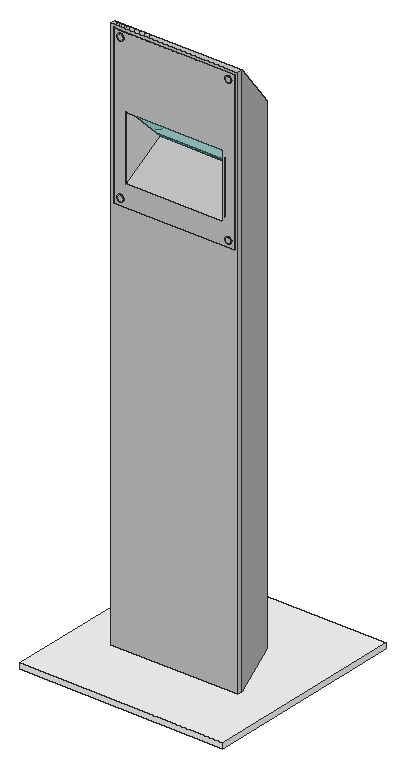
Revit family "BE_99558_de_DE", category Leuchten, Revit 2020
Family settings
  Basisbauteil = Fläche
  Bemaßung runder Anschluss = Durchmesser verwenden
  Teiletyp = Normal
  Beim Laden mit Abzugskörper schneiden = Ja
  Lichtquelle = Ja
  Gemeinsam genutzt = Nein
  Raumberechnungspunkt = Ja
Parameters (values of type "BEGA_99558_Silber_K4")
  built-in parameter 1150104 = 11.599 (stored number, unit not read)
  Wattage = 16.9 W
  Default Elevation = 0 mm
  built-in parameter 1150113 = 1 (stored number, unit not read)
  built-in parameter 1114218 = 1 (stored number, unit not read)
  Umgebungstemperatur = "25 °C"
  URL = "https://www.bega.com/de/produkt/99558"
  Typenkommentare = "© 2022 BEGA. Wir behalten uns das Recht vor, technische Änderungen ohne vorherige Ankündigung vorzunehmen."  # constant formula
  Type Image = 99558.png
  built-in parameter 1150134 = 12
  built-in parameter 1150109 = 1 (stored number, unit not read)
  Strom = ""
  built-in parameter 1150110 = 1 (stored number, unit not read)
  Spannung = 239.996 V
  Sonderanfertigung = no
  Seriennummer [instance] = "Hier können Sie die eindeutige Seriennummer für das Facility Management eintragen."
  Schutzklasse = "I"
  Schutzart = "IP 65"
  Scheinlast = 0 VA
  Produktdatenblatt = "https://cdn.bega.com/bega/products/99558K4/current/documents/data-sheets/de"
  Oberflächentemperatur = ""
  Neigungswinkel = 0.00°
  Modell = "99558AK4"
  Material_18 = BEGA_Gummi_schwarz
  Material_17 = BEGA_Reflektor
  Material_15 = BEGA_Leuchtmedium_matt
  Material_11 = BEGA_Glas_opal
  Material_09 = BEGA_Glas_klar
  Material_06 = BEGA_Oberfläche_Edelstahl_gebürstet
  Material_03 = BEGA_Oberfläche_Weiss_matt
  Material_02 = BEGA_Oberfläche_Silber_matt
  Material_01 [instance] = BEGA_Oberfläche_Grafit_matt
  M_W = no
  M_G = no
  M_A = yes
  Logo = 0
  built-in parameter 1114217 = 1 (stored number, unit not read)
  built-in parameter 1150139 = (empty or 0)
  built-in parameter 1150105 = 167.91 (stored number, unit not read)
  built-in parameter 1150114 = 1 (stored number, unit not read)
  Lumens = 2109.96 lm
  built-in parameter 1150115 = 1 (stored number, unit not read)
  Leuchtenlichtstrom = "1393 lm"
  Leuchtenanzahl = ""
  Lebensdauerkriterien = "L70B50 @ 25 °C = 200000 h"
  Lastklassifizierung = Beleuchtung
  built-in parameter 1150112 = 1 (stored number, unit not read)
  Lampenlichtstrom = "2290 lm"
  Lampe = "LED 11.7 W"
  LED_Modulbezeichnung = "LED-0491/840"
  built-in parameter 1150142 = (empty or 0)
  Hersteller = "BEGA"  # constant formula
  Halbstreuwinkel = ""
  Gewicht = "8.95 kg"
  Gebrauchslageneinschränkung [instance] = ""
  Frequenz = "0/50-60 Hz"
  Farbwiedergabeindex = "CRI > 80"
  Farbtemperaturverschiebung bei Dämpfen der Lampe = <Keine Auswahl>
  Farbtemperatur = "4000 K"
  Farbfilter = 16777215
  Erdstück = no
  built-in parameter 1150133 = 10 (stored number, unit not read)
  Energieeffizienzklasse = "LED A++ - A"
  Einstecktiefe = ""
  built-in parameter 1150137 = (empty or 0)
  built-in parameter 1150132 = (empty or 0)
  Einbauöffnung = ""
  Einbautiefe = ""
  Einbau_in_Wärmedämmung = ""
  ENEC = "ja"
  Dimmbar [instance] = "DALI"
  Datei für fotometrisches Netz = "BE_99558K4.IES"
  CE_Konformität = "ja"
  Bestellnummer_Erdstück = if(Erdstück, "70895", "---")  # "---"
  Bestellnummer = "99558AK4"
  Beschreibung_Sonderanfertigung = "Hier können Sie Informationen zur Sonderanfertigung eintragen."
  Beschreibung = "Pollerleuchte"
  built-in parameter 1150106 = 1.6791 (stored number, unit not read)
  BEGA_Intern_aus = yes
  BEGA_Intern_an = yes
  BEGA_Intern_Konstruktion = yes
  BEGA_Intern = yes
  BEGA_IES = yes
  BEGA_Dummy = no
  Anschlussleistung [instance] = "14.8 W"
  built-in parameter 1150107 = 4000 (stored number, unit not read)
  built-in parameter 1150102 = (empty or 0)
  built-in parameter 1150138 = (empty or 0)
  Aktualisierung = "2022-05-20T04:00:08"
  AC/DC = "AC/DC"
Types (4, lengths in mm): name | built-in parameter 1150104 | built-in parameter 1150134 | Modell | M_G | M_A | built-in parameter 1150105 | Lumens | Leuchtenlichtstrom | Lampenlichtstrom | LED_Modulbezeichnung | Farbtemperatur | Datei für fotometrisches Netz | Bestellnummer | built-in parameter 1150106 | built-in parameter 1150107
  BEGA_99558_Silber_K3 | 10.802 (stored number, unit not read) | (empty or 0) | "99558AK3" | no | yes | 156.37 (stored number, unit not read) | 1964.96 lm | "1354 lm" | "2225 lm" | "LED-0491/830" | "3000 K" | "BE_99558K3.IES" | "99558AK3" | 1.5637 (stored number, unit not read) | 3000 (stored number, unit not read)
  BEGA_99558_Silber_K4 | 11.599 (stored number, unit not read) | 12 | "99558AK4" | no | yes | 167.91 (stored number, unit not read) | 2109.96 lm | "1393 lm" | "2290 lm" | "LED-0491/840" | "4000 K" | "BE_99558K4.IES" | "99558AK4" | 1.6791 (stored number, unit not read) | 4000 (stored number, unit not read)
  BEGA_99558_Grafit_K4 | 11.599 (stored number, unit not read) | 12 | "99558K4" | yes | no | 167.91 (stored number, unit not read) | 2109.96 lm | "1393 lm" | "2290 lm" | "LED-0491/840" | "4000 K" | "BE_99558K4.IES" | "99558K4" | 1.6791 (stored number, unit not read) | 4000 (stored number, unit not read)
  BEGA_99558_Grafit_K3 | 10.802 (stored number, unit not read) | (empty or 0) | "99558K3" | yes | no | 156.37 (stored number, unit not read) | 1964.96 lm | "1354 lm" | "2225 lm" | "LED-0491/830" | "3000 K" | "BE_99558K3.IES" | "99558K3" | 1.5637 (stored number, unit not read) | 3000 (stored number, unit not read)
Reference planes
  plane 1 "Mitte (Vorne/Hinten)": y = 0
  plane 2: z = 0
  plane 3 "Mitte (Links/Rechts)": x = 0
  plane 4 "Links": x = -125
  plane 5 "Rechts": x = 125
  plane 6 "Unten": y = -70
  plane 7 "Oben": y = 69.957
  plane 8 "Vorne": z = 1099.75
  plane 9 "Hinten": z = 0
Forms (mm)
  Extrusion 1, solid, material "BEGA_Platte_Weiss"
    sketch origin (0, -1119.2, 0) x (1, 0, 0) y (0, 1, 0)
      loop
        line (-200, 1319.2) -> (-200, 919.2) -> (200, 919.2) -> (200, 1319.2) -> (-200, 1319.2)
    from 0 to -10
  Extrusion 2, solid, material "BEGA_Dummy_matt", visible <- "BEGA_Dummy"
    sketch origin (80.095, -76.023, 0) x (1, 0, 0) y (0, 1, 0)
      loop
        line (-205.095, 145.98) -> (-205.095, 6.023) -> (44.905, 6.023) -> (44.905, 145.98) -> (-205.095, 145.98)
    from 0 to 1099.75
Dimensions and locks
  plane 1 "Mitte (Vorne/Hinten)" to Extrusion 1 = 200 mm
  aligned and locked: plane 2 to Extrusion 1
  aligned and locked: level to Extrusion 1
Nested families
  nested 1: "BE_99558" at (0, 0, 0), type "BE_99558"
Connectors
  electrical at (0, 0, 0), driven by "Lastklassifizierung", driven by "Spannung", driven by "Scheinlast"
    settings: index 1, voltage 239.996 V, apparent load 0 VA, apparent load phase1 0 VA, apparent load phase2 0 VA, apparent load phase3 0 VA, power factor 1, load classification "Beleuchtung", number of poles 1, system type 31, power factor state 1, is connector primary yes, connector utility no, sub classification motor no, connector description ""
Definition of nested family "BE_99558"
  Parameters (values of type "BE_99558")
    Default Elevation = 1 mm
    URL = "http://www.bega.de/de/produkt"
    Type Comments = "© 2015 BEGA. Wir behalten uns das Recht vor, technische Änderungen ohne vorherige Ankündigung vorzunehmen. "  # constant formula
    Type Image = (empty or 0)
    Material_18 = none
    Material_17 = none
    Material_15 = none
    Material_11 = none
    Material_09 = none
    Material_06 = none
    Material_03 = none
    Material_02 = none
    Material_01 = none
    M_W = yes
    M_G = yes
    M_A = yes
    Länge_Platte = 400 mm  # constant formula
    Höhe_Platte = -10 mm  # constant formula
    Manufacturer = "BEGA"  # constant formula
    Breite_Platte = 200 mm  # constant formula
  Reference planes
    plane 1 "Mitte (Oben/Unten)": y = 0
    plane 2: z = 0
    plane 3 "Mitte (Links/Rechts)": x = 0
    plane 4: x = -125
    plane 5: x = 125
    plane 6: z = 1099.75
    plane 7: y = 69.957
    plane 8: y = -69.957
  Forms (mm)
    Extrusion 1, solid, detail levels medium
      sketch origin (0, 0, 0) x (1, 0, 0) y (0, 1, 0)
        loop
          line (-200, 100) -> (-200, -100) -> (200, -100) -> (200, 100) -> (-200, 100)
      from 0 to -10 <- "Höhe_Platte"
    Revolve 2, solid, material <- "Material_01", visible <- "M_G", detail levels medium+fine
      sketch origin (0, 0, 0) x (0, 1, 0) y (0, 0, 1)
        loop
          line (64.999, 0) -> (64.999, 5) -> (0, 5) -> (0, 0) -> (64.999, 0)
        axis (0, 0) -> (0, 5)
      angle from 0 to 360
    Extrusion 3, void
      sketch origin (0, 0, 0) x (1, 0, 0) y (0, 1, 0)
        loop
          arc (10.611, 37.027) -> (-0.007, 38.517) -> (-10.625, 37.023) r 38.517
          arc (-10.625, 37.023) -> (-13.028, 32.671) -> (-8.678, 30.263) r 3.517
          arc (-8.678, 30.263) -> (0, 31.483) -> (8.677, 30.263) r 31.483
          arc (8.677, 30.263) -> (13.029, 32.677) -> (10.611, 37.027) r 3.517
        loop
          arc (-30.55, -7.606) -> (-34.816, -5.056) -> (-37.373, -9.319) r 3.517
          arc (-37.373, -9.319) -> (-33.355, -19.262) -> (-26.752, -27.711) r 38.517
          arc (-26.752, -27.711) -> (-21.78, -27.619) -> (-21.869, -22.647) r 3.517
          arc (-21.869, -22.647) -> (-27.267, -15.737) -> (-30.55, -7.606) r 31.483
        loop
          arc (37.376, -9.31) -> (34.808, -5.053) -> (30.548, -7.616) r 3.517
          arc (30.548, -7.616) -> (27.264, -15.743) -> (21.866, -22.65) r 31.483
          arc (21.866, -22.65) -> (21.785, -27.622) -> (26.757, -27.707) r 3.517
          arc (26.757, -27.707) -> (33.36, -19.255) -> (37.376, -9.31) r 38.517
        loop
          arc (-12.536, -43.72) -> (-18.13, -46.827) -> (-15.014, -52.416) r 4.521
          arc (-15.014, -52.416) -> (0.001, -54.524) -> (15.016, -52.416) r 54.519
          arc (15.016, -52.416) -> (18.131, -46.826) -> (12.537, -43.719) r 4.521
          arc (12.537, -43.719) -> (0.001, -45.481) -> (-12.536, -43.72) r 45.489
        loop
          arc (44.131, 11.004) -> (49.615, 7.712) -> (52.902, 13.199) r 4.521
          arc (52.902, 13.199) -> (47.217, 27.266) -> (37.876, 39.221) r 54.52
          arc (37.876, 39.221) -> (31.483, 39.11) -> (31.594, 32.717) r 4.521
          arc (31.594, 32.717) -> (39.388, 22.741) -> (44.131, 11.004) r 45.489
        loop
          arc (-31.594, 32.716) -> (-31.486, 39.112) -> (-37.881, 39.216) r 4.521
          arc (-37.881, 39.216) -> (-47.218, 27.265) -> (-52.901, 13.204) r 54.519
          arc (-52.901, 13.204) -> (-49.619, 7.711) -> (-44.131, 11.002) r 4.521
          arc (-44.131, 11.002) -> (-39.388, 22.74) -> (-31.594, 32.716) r 45.489
        loop
          circle (0, 0) r 21.5
      from 0 to 8.574
    Extrusion 4, solid, material <- "Material_01", visible <- "M_G", detail levels medium+fine
      sketch origin (0, 0, 0) x (1, 0, 0) y (0, 1, 0)
        loop
          line (-125, -60.824) -> (-125, -70) -> (125, -70) -> (125, -60.828) -> (69.45, 70) -> (-69.45, 70) -> (-125, -60.824)
        loop
          line (-67.5, 67.7) -> (-121.7, -59.945) -> (-121.7, -66.7) -> (121.7, -66.7) -> (121.7, -59.945) -> (67.5, 67.7) -> (-67.5, 67.7)
      from 2 to 1099.75
    Extrusion 5, void
      sketch origin (0, 0, 0) x (0, 1, 0) y (0, 0, 1)
        loop
          line (-65, 1104.401) -> (75, 964.401) -> (75, 1104.401) -> (-65, 1104.401)
      from -133.772 to 134.901
    Extrusion 6, void
      sketch origin (0, 0, 0) x (1, 0, 0) y (0, 0, 1)
        loop
          line (-119, 783.882) -> (119, 783.882) -> (119, 1093.75) -> (-119, 1093.75) -> (-119, 783.882)
      from 60.824 to 80.304
    Extrusion 7, solid, material <- "Material_01", visible <- "M_G", detail levels medium+fine
      sketch origin (0, 0, 0) x (0, 1, 0) y (0, 0, 1)
        loop
          line (-60.349, 1099.75) -> (-68.677, 1099.75) -> (-68.677, 1096.398) -> (-60.824, 1096.398) -> (68.087, 967.487) -> (70, 969.401) -> (-60.349, 1099.75)
      from -125 to 125
    Extrusion 8, void
      sketch origin (0, 0, 0) x (1, 0, 0) y (0, 1, 0)
        loop
          line (-67.327, 75) -> (-129.45, 75) -> (-129.45, -71.304) -> (-67.327, 75)
        loop
          line (67.327, 75) -> (129.45, -71.304) -> (129.45, 75) -> (67.327, 75)
      from 934.807 to 1118.812
    Extrusion 9, solid, material <- "Material_01", visible <- "M_G", detail levels medium+fine
      sketch origin (0, 0, 0) x (1, 0, 0) y (0, 0, 1)
        loop
          line (-118.717, 784.161) -> (118.717, 784.161) -> (118.717, 1093.45) -> (-118.717, 1093.45) -> (-118.717, 784.161)
        loop
          line (-95.896, 952.75) -> (-95.896, 825.161) -> (95.896, 825.161) -> (95.896, 952.75) -> (-95.896, 952.75)
      from 62.614 to 70
    Extrusion 10, solid, material <- "Material_01", visible <- "M_G", detail levels medium+fine
      sketch origin (0, 0, 321.35) x (0, 1, 0) y (0, 0, 1)
        loop
          line (-70, 503.811) -> (-67.5, 502.717) -> (-21.611, 576.154) -> (-22.831, 578.106) -> (-70, 503.811)
      from -103.34 to 102.897
    Extrusion 11, solid, material <- "Material_01", visible <- "M_G", detail levels medium+fine
      sketch origin (0, 0, 0) x (-1, 0, 0) y (0, -1, 0)
        loop
          line (-96.168, 70) -> (-98.823, 70) -> (-68.573, 22.831) -> (-65.918, 22.831) -> (-96.168, 70)
        loop
          line (96.168, 70) -> (65.918, 22.831) -> (68.573, 22.831) -> (98.823, 70) -> (96.168, 70)
      from 825.161 to 952.75
    Extrusion 12, solid, material <- "Material_17", detail levels medium+fine
      sketch origin (0, 0, 321.35) x (0, 1, 0) y (0, 0, 1)
        loop
          line (5.692, 641.581) -> (5.595, 642.501) -> (-57.729, 635.845) -> (-57.632, 634.925) -> (5.692, 641.581)
        loop
          line (22.542, 638.502) -> (21.459, 639.127) -> (-16.185, 573.925) -> (-19.808, 573.925) -> (-20.468, 561.325) -> (-19.566, 561.278) -> (-18.943, 573.175) -> (-15.175, 573.175) -> (22.542, 638.502)
      from -88.515 to 86.726
    Extrusion 13, solid, material <- "Material_17", detail levels medium+fine
      sketch origin (-7.46, -36.733, 0) x (1, 0, 0) y (0, 1, 0)
        loop
          line (-93.726, -19.037) -> (-43.504, 59.274) -> (-46.43, 59.274) -> (-96.653, -19.037) -> (-93.726, -19.037)
        loop
          line (108.646, -19.037) -> (111.572, -19.037) -> (61.35, 59.274) -> (58.423, 59.274) -> (108.646, -19.037)
      from 905.263 to 992.838
    Extrusion 14, void
      sketch origin (0, 0, 0) x (0, 1, 0) y (0, 0, -1)
        loop
          line (-22.831, -899.456) -> (-66.7, -952.75) -> (-66.7, -958.45) -> (-22.831, -958.45) -> (-22.831, -899.456)
      from -99.773 to 102.897
    Extrusion 15, solid, material <- "Material_09", detail levels medium+fine
      sketch origin (0, 0, 321.35) x (0, 1, 0) y (0, 0, 1)
        loop
          line (-19.862, 573.963) -> (-16.667, 576.37) -> (-63.007, 637.865) -> (-66.201, 635.458) -> (-19.862, 573.963)
      from -95.896 to 95.896
    Extrusion 16, solid, material <- "Material_15", detail levels medium+fine
      sketch origin (0, 0, 321.939) x (0, 1, 0) y (0, 0, 1)
        loop
          line (17.847, 641.326) -> (8.75, 641.326) -> (8.75, 640.526) -> (17.847, 640.526) -> (17.847, 641.326)
      from -46.412 to 46.401
    Extrusion 17, solid, material <- "Material_01", visible <- "M_G", detail levels medium+fine
      sketch origin (0, 0, 0) x (1, 0, 0) y (0, 1, 0)
        loop
          circle (0, 0) r 64.999
        loop
          line (-121.7, -59.945) -> (-121.7, -66.7) -> (121.7, -66.7) -> (121.7, -59.945) -> (67.5, 67.7) -> (-67.5, 67.7) -> (-121.7, -59.945)
      from 5 to 15.378
    Revolve 18, void
      sketch origin (0, 0, 0) x (0, 1, 0) y (0, 0, 1)
        loop
          line (70.24, 25.694) -> (66.535, 25.694) -> (66.535, 21.494) -> (70.24, 21.494) -> (70.24, 25.694)
        axis (70.24, 21.494) -> (66.535, 21.494)
      angle from 0 to 360
    Revolve 19, solid, material <- "Material_06", detail levels fine
      sketch origin (0, 0, 0) x (0, 1, 0) y (0, 0, 1)
        loop
          line (70.639, 25.494) -> (67.7, 25.494) -> (67.7, 21.494) -> (71.239, 21.494) -> (71.239, 24.894) -> (70.639, 25.494)
        axis (71.239, 21.494) -> (67.7, 21.494)
      angle from 0 to 360
    Extrusion 20, solid, material <- "Material_06", detail levels fine
      sketch origin (0, 0, 0) x (1, 0, 0) y (0, 0, 1)
        loop
          circle (-106.227, 1080.977) r 6
        loop
          circle (-106.227, 796.655) r 6
        loop
          circle (106.227, 1080.977) r 6
        loop
          circle (106.227, 796.655) r 6
      from 66.7 to 70
    Revolve 21, void
      sketch origin (-106.227, 0, 0) x (0, 1, 0) y (0, 0, 1)
        loop
          line (-66.3, 1083.827) -> (-70.517, 1088.043) -> (-70.517, 1080.977) -> (-66.3, 1080.977) -> (-66.3, 1083.827)
        axis (-70.517, 1080.977) -> (-66.3, 1080.977)
      angle from 0 to 360
    Revolve 22, void
      sketch origin (106.227, 0, 0) x (0, 1, 0) y (0, 0, -1)
        loop
          line (-66.3, -1083.827) -> (-66.3, -1080.977) -> (-70.517, -1080.977) -> (-70.517, -1088.043) -> (-66.3, -1083.827)
        axis (-70.517, -1080.977) -> (-66.3, -1080.977)
      angle from 0 to 360
    Revolve 23, void
      sketch origin (-106.227, 0, -284.322) x (0, 1, 0) y (0, 0, 1)
        loop
          line (-66.3, 1083.827) -> (-70.517, 1088.043) -> (-70.517, 1080.977) -> (-66.3, 1080.977) -> (-66.3, 1083.827)
        axis (-70.517, 1080.977) -> (-66.3, 1080.977)
      angle from 0 to 360
    Revolve 24, void
      sketch origin (106.227, 0, -284.322) x (0, 1, 0) y (0, 0, -1)
        loop
          line (-66.3, -1083.827) -> (-66.3, -1080.977) -> (-70.517, -1080.977) -> (-70.517, -1088.043) -> (-66.3, -1083.827)
        axis (-70.517, -1080.977) -> (-66.3, -1080.977)
      angle from 0 to 360
    Revolve 25, solid, material <- "Material_02", visible <- "M_A", detail levels medium+fine
      sketch origin (0, 0, 0) x (0, 1, 0) y (0, 0, 1)
        loop
          line (64.999, 0) -> (64.999, 5) -> (0, 5) -> (0, 0) -> (64.999, 0)
        axis (0, 0) -> (0, 5)
      angle from 0 to 360
    Extrusion 26, solid, material <- "Material_02", visible <- "M_A", detail levels medium+fine
      sketch origin (0, 0, 0) x (1, 0, 0) y (0, 1, 0)
        loop
          line (-125, -60.824) -> (-125, -70) -> (125, -70) -> (125, -60.828) -> (69.45, 70) -> (-69.45, 70) -> (-125, -60.824)
        loop
          line (-67.5, 67.7) -> (-121.7, -59.945) -> (-121.7, -66.7) -> (121.7, -66.7) -> (121.7, -59.945) -> (67.5, 67.7) -> (-67.5, 67.7)
      from 2 to 1099.75
    Extrusion 27, solid, material <- "Material_02", visible <- "M_A", detail levels medium+fine
      sketch origin (0, 0, 0) x (0, 1, 0) y (0, 0, 1)
        loop
          line (-60.349, 1099.75) -> (-68.677, 1099.75) -> (-68.677, 1096.398) -> (-60.824, 1096.398) -> (68.087, 967.487) -> (70, 969.401) -> (-60.349, 1099.75)
      from -125 to 125
    Extrusion 28, solid, material <- "Material_02", visible <- "M_A", detail levels medium+fine
      sketch origin (0, 0, 0) x (1, 0, 0) y (0, 1, 0)
        loop
          circle (0, 0) r 64.999
        loop
          line (-121.7, -59.945) -> (-121.7, -66.7) -> (121.7, -66.7) -> (121.7, -59.945) -> (67.5, 67.7) -> (-67.5, 67.7) -> (-121.7, -59.945)
      from 5 to 15.378
    Extrusion 29, void
      sketch origin (0, 0, 0) x (1, 0, 0) y (0, 1, 0)
        loop
          line (-67.327, 75) -> (-129.45, 75) -> (-129.45, -71.304) -> (-67.327, 75)
        loop
          line (67.327, 75) -> (129.45, -71.304) -> (129.45, 75) -> (67.327, 75)
      from 934.807 to 1118.812
    Extrusion 30, solid, material <- "Material_02", visible <- "M_A", detail levels medium+fine
      sketch origin (0, 0, 0) x (1, 0, 0) y (0, 0, 1)
        loop
          line (-118.717, 784.161) -> (118.717, 784.161) -> (118.717, 1093.45) -> (-118.717, 1093.45) -> (-118.717, 784.161)
        loop
          line (-95.896, 952.75) -> (-95.896, 825.161) -> (95.896, 825.161) -> (95.896, 952.75) -> (-95.896, 952.75)
      from 62.614 to 70
    Extrusion 31, solid, material <- "Material_02", visible <- "M_A", detail levels medium+fine
      sketch origin (0, 0, 321.35) x (0, 1, 0) y (0, 0, 1)
        loop
          line (-70, 503.811) -> (-67.5, 502.717) -> (-21.611, 576.154) -> (-22.831, 578.106) -> (-70, 503.811)
      from -103.34 to 102.897
    Extrusion 32, solid, material <- "Material_02", visible <- "M_A", detail levels medium+fine
      sketch origin (0, 0, 0) x (-1, 0, 0) y (0, -1, 0)
        loop
          line (-96.168, 70) -> (-98.823, 70) -> (-68.573, 22.831) -> (-65.918, 22.831) -> (-96.168, 70)
        loop
          line (96.168, 70) -> (65.918, 22.831) -> (68.573, 22.831) -> (98.823, 70) -> (96.168, 70)
      from 825.161 to 952.75
  Cuts and joins
    Extrusion 3 cuts Revolve 2
    Extrusion 5, Extrusion 6, Extrusion 8, Revolve 18, Extrusion 29 cuts Extrusion 4
    Extrusion 8, Revolve 18, Extrusion 29 cuts Extrusion 7
    Revolve 18, Extrusion 29 cuts Extrusion 17
    joined: Extrusion 4, Extrusion 7, Extrusion 17
    Revolve 21, Revolve 22, Revolve 23, Revolve 24 cuts Extrusion 9
    Extrusion 14, Revolve 21, Revolve 22, Revolve 23, Revolve 24 cuts Extrusion 10
    Extrusion 14, Revolve 21, Revolve 22, Revolve 23, Revolve 24 cuts Extrusion 11
    joined: Extrusion 9, Extrusion 10, Extrusion 11
    joined: Extrusion 12, Extrusion 13
    Extrusion 3 cuts Revolve 25
    Extrusion 5, Extrusion 6, Revolve 18, Extrusion 29 cuts Extrusion 26
    Extrusion 29 cuts Extrusion 27
    joined: Extrusion 26, Extrusion 27, Extrusion 28
    Revolve 21, Revolve 22, Revolve 23, Revolve 24 cuts Extrusion 30
    Extrusion 14 cuts Extrusion 32
    joined: Extrusion 30, Extrusion 31, Extrusion 32
  Dimensions and locks
    equal spacing: Extrusion 1 sketch curve, plane 3 "Mitte (Links/Rechts)", Extrusion 1 sketch curve
    equal spacing: Extrusion 1 sketch curve, plane 1 "Mitte (Oben/Unten)", Extrusion 1 sketch curve
    "Länge_Platte": Extrusion 1 sketch curve to Extrusion 1 sketch curve
    "Breite_Platte": Extrusion 1 sketch curve to Extrusion 1 sketch curve
    aligned and locked: Extrusion 1 to plane 2
    aligned and locked: level to Extrusion 1
  Automatic sketch dimensions
    Revolve 2 sketch curve to level = 0 mm
    Revolve 2 sketch curve to plane 1 "Mitte (Oben/Unten)" = 0 mm  (x2)
    level to Revolve 2 sketch curve = 5 mm
    Revolve 2 sketch curve to Revolve 2 sketch curve = 64.999 mm
    Revolve 2 sketch curve to Revolve 2 sketch curve = 2.25 mm
    Revolve 2 sketch curve to Revolve 2 sketch curve = 3.611 mm
    Extrusion 3 sketch curve to Extrusion 3 sketch curve = 0 mm  (x27)
    plane 1 "Mitte (Oben/Unten)" to Extrusion 3 sketch curve = 0 mm  (x2)
    Extrusion 3 sketch curve to plane 1 "Mitte (Oben/Unten)" = 12.096 mm
    Extrusion 3 sketch curve to plane 3 "Mitte (Links/Rechts)" = 48.518 mm
    Extrusion 3 sketch curve to Extrusion 3 sketch curve = 13.782 mm
    plane 1 "Mitte (Oben/Unten)" to Extrusion 3 sketch curve = 8.468 mm
    Extrusion 3 sketch curve to Extrusion 3 sketch curve = 14.557 mm  (x2)
    Extrusion 3 sketch curve to Extrusion 3 sketch curve = 9.648 mm
    Extrusion 3 sketch curve to plane 3 "Mitte (Links/Rechts)" = 13.782 mm
    Extrusion 3 sketch curve to plane 3 "Mitte (Links/Rechts)" = 9.648 mm
    Extrusion 3 sketch curve to plane 3 "Mitte (Links/Rechts)" = 0.007 mm
    Extrusion 3 sketch curve to plane 3 "Mitte (Links/Rechts)" = 0.004 mm
    plane 3 "Mitte (Links/Rechts)" to Extrusion 3 sketch curve = 0 mm  (x3)
    Extrusion 3 sketch curve to plane 1 "Mitte (Oben/Unten)" = 0 mm  (x2)
    plane 3 "Mitte (Links/Rechts)" to Extrusion 3 sketch curve = 0.004 mm
    plane 3 "Mitte (Links/Rechts)" to Extrusion 3 sketch curve = 0.007 mm
    plane 3 "Mitte (Links/Rechts)" to Extrusion 3 sketch curve = 9.647 mm
    plane 3 "Mitte (Links/Rechts)" to Extrusion 3 sketch curve = 13.783 mm
    plane 3 "Mitte (Links/Rechts)" to Extrusion 3 sketch curve = 24.314 mm
    plane 1 "Mitte (Oben/Unten)" to Extrusion 3 sketch curve = 8.467 mm
    Extrusion 3 sketch curve to Extrusion 3 sketch curve = 9.647 mm
    Extrusion 3 sketch curve to Extrusion 3 sketch curve = 25.088 mm
    Extrusion 3 sketch curve to plane 1 "Mitte (Oben/Unten)" = 12.098 mm
    Extrusion 3 sketch curve to Extrusion 3 sketch curve = 16.71 mm
    Extrusion 3 sketch curve to Extrusion 3 sketch curve = 16.709 mm
    Extrusion 3 sketch curve to Extrusion 3 sketch curve = 22.889 mm  (x2)
    Extrusion 3 sketch curve to Extrusion 3 sketch curve = 0.005 mm  (x2)
    plane 1 "Mitte (Oben/Unten)" to Extrusion 3 sketch curve = 0.004 mm  (x2)
    Extrusion 3 sketch curve to plane 1 "Mitte (Oben/Unten)" = 0.002 mm
    Extrusion 3 sketch curve to plane 1 "Mitte (Oben/Unten)" = 0.003 mm
    Extrusion 3 sketch curve to plane 1 "Mitte (Oben/Unten)" = 33.644 mm
    Extrusion 3 sketch curve to Extrusion 3 sketch curve = 2.324 mm
    Extrusion 3 sketch curve to Extrusion 3 sketch curve = 2.325 mm
    Extrusion 3 sketch curve to Extrusion 3 sketch curve = 4.383 mm
    Extrusion 3 sketch curve to Extrusion 3 sketch curve = 4.387 mm  (x2)
    Extrusion 3 sketch curve to Extrusion 3 sketch curve = 3.146 mm
    Extrusion 3 sketch curve to Extrusion 3 sketch curve = 3.413 mm  (x2)
    Extrusion 3 sketch curve to Extrusion 3 sketch curve = 3.141 mm  (x3)
    Extrusion 3 sketch curve to Extrusion 3 sketch curve = 3.41 mm
    Extrusion 3 sketch curve to Extrusion 3 sketch curve = 2.439 mm
    Extrusion 3 sketch curve to Extrusion 3 sketch curve = 2.443 mm  (x2)
    Extrusion 3 sketch curve to Extrusion 3 sketch curve = 1.233 mm
    Extrusion 3 sketch curve to Extrusion 3 sketch curve = 1.246 mm  (x2)
    Extrusion 3 sketch curve to Extrusion 3 sketch curve = 0.977 mm
    Extrusion 3 sketch curve to Extrusion 3 sketch curve = 0.97 mm
    Extrusion 3 sketch curve to Extrusion 3 sketch curve = 0.969 mm
    Extrusion 3 sketch curve to Extrusion 3 sketch curve = 0.964 mm
    Extrusion 3 sketch curve to Extrusion 3 sketch curve = 1.232 mm
    Extrusion 3 sketch curve to Extrusion 3 sketch curve = 2.447 mm
    Extrusion 3 sketch curve to Extrusion 3 sketch curve = 0.001 mm
    Extrusion 3 sketch curve to Extrusion 3 sketch curve = 3.415 mm
    Extrusion 3 sketch curve to Extrusion 3 sketch curve = 4.385 mm
    Extrusion 3 sketch curve to Extrusion 3 sketch curve = 0.843 mm
    Extrusion 3 sketch curve to Extrusion 3 sketch curve = 0.851 mm
    Extrusion 3 sketch curve to Extrusion 3 sketch curve = 2.527 mm
    Extrusion 3 sketch curve to Extrusion 3 sketch curve = 4.346 mm
    Extrusion 3 sketch curve to Extrusion 3 sketch curve = 1.094 mm
    Extrusion 3 sketch curve to Extrusion 3 sketch curve = 3.381 mm
    plane 1 "Mitte (Oben/Unten)" to Extrusion 4 sketch curve = 60.824 mm
    Extrusion 4 sketch curve to plane 3 "Mitte (Links/Rechts)" = 125 mm
    Extrusion 4 sketch curve to Extrusion 4 sketch curve = 3.3 mm  (x3)
    Extrusion 4 sketch curve to plane 3 "Mitte (Links/Rechts)" = 69.45 mm
    Extrusion 4 sketch curve to Extrusion 4 sketch curve = 1.95 mm  (x2)
    plane 3 "Mitte (Links/Rechts)" to Extrusion 4 sketch curve = 67.5 mm
    plane 3 "Mitte (Links/Rechts)" to Extrusion 4 sketch curve = 121.7 mm
    plane 1 "Mitte (Oben/Unten)" to Extrusion 4 sketch curve = 60.828 mm
    Extrusion 4 sketch curve to Extrusion 4 sketch curve = 5.876 mm
    Extrusion 4 sketch curve to Extrusion 4 sketch curve = 0.883 mm
    Extrusion 4 sketch curve to Extrusion 4 sketch curve = 0.879 mm
    Extrusion 4 sketch curve to plane 1 "Mitte (Oben/Unten)" = 67.7 mm
    Extrusion 4 sketch curve to Extrusion 4 sketch curve = 2.3 mm
    plane 1 "Mitte (Oben/Unten)" to Extrusion 5 sketch curve = 65 mm
    Extrusion 5 sketch curve to plane 1 "Mitte (Oben/Unten)" = 75 mm
    level to Extrusion 5 sketch curve = 964.401 mm
    Extrusion 5 sketch curve to Extrusion 5 sketch curve = 140 mm
    Extrusion 6 sketch curve to plane 3 "Mitte (Links/Rechts)" = 119 mm
    plane 3 "Mitte (Links/Rechts)" to Extrusion 6 sketch curve = 119 mm
    level to Extrusion 6 sketch curve = 783.882 mm
    Extrusion 6 sketch curve to Extrusion 6 sketch curve = 309.868 mm
    plane 1 "Mitte (Oben/Unten)" to Extrusion 7 sketch curve = 68.677 mm
    Extrusion 7 sketch curve to Extrusion 7 sketch curve = 7.852 mm
    Extrusion 7 sketch curve to Extrusion 7 sketch curve = 0.475 mm
    Extrusion 7 sketch curve to plane 1 "Mitte (Oben/Unten)" = 68.087 mm
    Extrusion 7 sketch curve to Extrusion 7 sketch curve = 1.913 mm  (x2)
    level to Extrusion 7 sketch curve = 967.487 mm
    Extrusion 8 sketch curve to plane 3 "Mitte (Links/Rechts)" = 129.45 mm
    Extrusion 8 sketch curve to Extrusion 8 sketch curve = 62.123 mm  (x2)
    plane 3 "Mitte (Links/Rechts)" to Extrusion 8 sketch curve = 67.327 mm
    plane 1 "Mitte (Oben/Unten)" to Extrusion 8 sketch curve = 71.304 mm  (x2)
    Extrusion 8 sketch curve to plane 1 "Mitte (Oben/Unten)" = 75 mm  (x2)
    Extrusion 9 sketch curve to plane 3 "Mitte (Links/Rechts)" = 118.717 mm
    Extrusion 9 sketch curve to Extrusion 9 sketch curve = 22.821 mm
    plane 3 "Mitte (Links/Rechts)" to Extrusion 9 sketch curve = 95.896 mm
    plane 3 "Mitte (Links/Rechts)" to Extrusion 9 sketch curve = 118.717 mm
    level to Extrusion 9 sketch curve = 784.161 mm
    Extrusion 9 sketch curve to Extrusion 9 sketch curve = 41 mm
    Extrusion 9 sketch curve to Extrusion 9 sketch curve = 127.589 mm
    Extrusion 9 sketch curve to Extrusion 9 sketch curve = 140.7 mm
    plane 1 "Mitte (Oben/Unten)" to Extrusion 10 sketch curve = 70 mm
    Extrusion 10 sketch curve to Extrusion 10 sketch curve = 2.5 mm
    plane 1 "Mitte (Oben/Unten)" to Extrusion 10 sketch curve = 22.831 mm
    Extrusion 10 sketch curve to Extrusion 10 sketch curve = 1.22 mm
    level to Extrusion 10 sketch curve = 824.067 mm
    Extrusion 10 sketch curve to Extrusion 10 sketch curve = 1.094 mm
    Extrusion 10 sketch curve to Extrusion 10 sketch curve = 73.437 mm
    Extrusion 10 sketch curve to Extrusion 10 sketch curve = 1.952 mm
    Extrusion 11 sketch curve to plane 3 "Mitte (Links/Rechts)" = 98.823 mm
    Extrusion 11 sketch curve to Extrusion 11 sketch curve = 2.655 mm  (x4)
    Extrusion 11 sketch curve to plane 1 "Mitte (Oben/Unten)" = 22.831 mm  (x2)
    Extrusion 11 sketch curve to Extrusion 11 sketch curve = 27.595 mm  (x2)
    plane 3 "Mitte (Links/Rechts)" to Extrusion 11 sketch curve = 65.918 mm
    Extrusion 11 sketch curve to Extrusion 11 sketch curve = 47.169 mm  (x2)
    plane 1 "Mitte (Oben/Unten)" to Extrusion 12 sketch curve = 57.729 mm
    Extrusion 12 sketch curve to Extrusion 12 sketch curve = 0.097 mm  (x2)
    plane 1 "Mitte (Oben/Unten)" to Extrusion 12 sketch curve = 20.468 mm
    Extrusion 12 sketch curve to Extrusion 12 sketch curve = 0.66 mm
    Extrusion 12 sketch curve to Extrusion 12 sketch curve = 0.902 mm
    Extrusion 12 sketch curve to Extrusion 12 sketch curve = 0.865 mm
    Extrusion 12 sketch curve to Extrusion 12 sketch curve = 2.757 mm
    Extrusion 12 sketch curve to Extrusion 12 sketch curve = 1.01 mm
    Extrusion 12 sketch curve to plane 1 "Mitte (Oben/Unten)" = 5.595 mm
    Extrusion 12 sketch curve to Extrusion 12 sketch curve = 15.767 mm
    Extrusion 12 sketch curve to Extrusion 12 sketch curve = 1.083 mm
    level to Extrusion 12 sketch curve = 882.628 mm
    Extrusion 12 sketch curve to Extrusion 12 sketch curve = 0.047 mm
    Extrusion 12 sketch curve to Extrusion 12 sketch curve = 0.75 mm
    Extrusion 12 sketch curve to Extrusion 12 sketch curve = 61 mm
    Extrusion 12 sketch curve to Extrusion 12 sketch curve = 0.92 mm
    Extrusion 12 sketch curve to Extrusion 12 sketch curve = 3.079 mm
    Extrusion 13 sketch curve to plane 3 "Mitte (Links/Rechts)" = 104.113 mm
    Extrusion 13 sketch curve to Extrusion 13 sketch curve = 2.927 mm  (x4)
    Extrusion 13 sketch curve to plane 1 "Mitte (Oben/Unten)" = 22.542 mm  (x2)
    Extrusion 13 sketch curve to plane 3 "Mitte (Links/Rechts)" = 53.89 mm
    plane 3 "Mitte (Links/Rechts)" to Extrusion 13 sketch curve = 50.964 mm
    Extrusion 13 sketch curve to Extrusion 13 sketch curve = 47.296 mm
    plane 1 "Mitte (Oben/Unten)" to Extrusion 13 sketch curve = 55.77 mm  (x2)
    plane 1 "Mitte (Oben/Unten)" to Extrusion 14 sketch curve = 66.7 mm
    plane 1 "Mitte (Oben/Unten)" to Extrusion 14 sketch curve = 22.831 mm
    level to Extrusion 14 sketch curve = 958.45 mm
    Extrusion 14 sketch curve to Extrusion 14 sketch curve = 5.7 mm
    Extrusion 14 sketch curve to Extrusion 14 sketch curve = 58.994 mm
    plane 1 "Mitte (Oben/Unten)" to Extrusion 15 sketch curve = 66.201 mm
    Extrusion 15 sketch curve to Extrusion 15 sketch curve = 3.195 mm  (x2)
    plane 1 "Mitte (Oben/Unten)" to Extrusion 15 sketch curve = 19.862 mm
    level to Extrusion 15 sketch curve = 895.313 mm
    Extrusion 15 sketch curve to Extrusion 15 sketch curve = 2.407 mm  (x2)
    Extrusion 15 sketch curve to Extrusion 15 sketch curve = 61.495 mm
    Extrusion 16 sketch curve to plane 1 "Mitte (Oben/Unten)" = 8.75 mm
    Extrusion 16 sketch curve to Extrusion 16 sketch curve = 9.097 mm
    level to Extrusion 16 sketch curve = 962.465 mm
    Extrusion 16 sketch curve to Extrusion 16 sketch curve = 0.8 mm
    plane 1 "Mitte (Oben/Unten)" to Extrusion 17 sketch curve = 0 mm
    Extrusion 17 sketch curve to plane 3 "Mitte (Links/Rechts)" = 0 mm
    Extrusion 17 sketch curve to plane 3 "Mitte (Links/Rechts)" = 67.5 mm
    plane 1 "Mitte (Oben/Unten)" to Extrusion 17 sketch curve = 59.945 mm  (x2)
    Extrusion 17 sketch curve to plane 3 "Mitte (Links/Rechts)" = 121.7 mm
    plane 3 "Mitte (Links/Rechts)" to Extrusion 17 sketch curve = 67.5 mm
    plane 3 "Mitte (Links/Rechts)" to Extrusion 17 sketch curve = 121.7 mm
    Extrusion 17 sketch curve to Extrusion 17 sketch curve = 6.755 mm
    Extrusion 17 sketch curve to plane 1 "Mitte (Oben/Unten)" = 67.7 mm
    level to Revolve 18 sketch curve = 25.694 mm
    Revolve 18 sketch curve to plane 1 "Mitte (Oben/Unten)" = 66.535 mm
    Revolve 18 sketch curve to Revolve 18 sketch curve = 3.705 mm
    Revolve 18 sketch curve to Revolve 18 sketch curve = 4.2 mm
    Revolve 18 sketch curve to Revolve 18 sketch curve = 0 mm  (x3)
    level to Revolve 19 sketch curve = 21.494 mm
    Revolve 19 sketch curve to plane 1 "Mitte (Oben/Unten)" = 67.7 mm
    Revolve 19 sketch curve to Revolve 19 sketch curve = 2.939 mm
    Revolve 19 sketch curve to Revolve 19 sketch curve = 0.6 mm  (x2)
    Revolve 19 sketch curve to Revolve 19 sketch curve = 3.4 mm
    Revolve 19 sketch curve to Revolve 19 sketch curve = 0 mm  (x3)
    Extrusion 20 sketch curve to plane 3 "Mitte (Links/Rechts)" = 106.227 mm  (x2)
    plane 3 "Mitte (Links/Rechts)" to Extrusion 20 sketch curve = 106.227 mm  (x2)
    level to Extrusion 20 sketch curve = 796.655 mm
    Extrusion 20 sketch curve to Extrusion 20 sketch curve = 0 mm  (x2)
    Extrusion 20 sketch curve to Extrusion 20 sketch curve = 284.322 mm
    plane 1 "Mitte (Oben/Unten)" to Revolve 21 sketch curve = 70.517 mm
    Revolve 21 sketch curve to Revolve 21 sketch curve = 4.217 mm  (x2)
    Revolve 21 sketch curve to Revolve 21 sketch curve = 0 mm  (x3)
    level to Revolve 21 sketch curve = 1080.977 mm
    Revolve 21 sketch curve to Revolve 21 sketch curve = 2.85 mm
    Revolve 21 sketch curve to Revolve 21 sketch curve = 0.517 mm
    plane 1 "Mitte (Oben/Unten)" to Revolve 22 sketch curve = 70.517 mm
    Revolve 22 sketch curve to Revolve 22 sketch curve = 4.217 mm  (x2)
    Revolve 22 sketch curve to Revolve 22 sketch curve = 0 mm  (x3)
    level to Revolve 22 sketch curve = 1088.043 mm
    Revolve 22 sketch curve to Revolve 22 sketch curve = 2.85 mm
    Revolve 22 sketch curve to Revolve 22 sketch curve = 0.517 mm
    plane 1 "Mitte (Oben/Unten)" to Revolve 23 sketch curve = 70.517 mm
    Revolve 23 sketch curve to Revolve 23 sketch curve = 4.217 mm  (x2)
    Revolve 23 sketch curve to Revolve 23 sketch curve = 0 mm  (x3)
    level to Revolve 23 sketch curve = 796.655 mm
    Revolve 23 sketch curve to Revolve 23 sketch curve = 2.85 mm
    Revolve 23 sketch curve to Revolve 23 sketch curve = 0.517 mm
    plane 1 "Mitte (Oben/Unten)" to Revolve 24 sketch curve = 70.517 mm
    Revolve 24 sketch curve to Revolve 24 sketch curve = 4.217 mm  (x2)
    Revolve 24 sketch curve to Revolve 24 sketch curve = 0 mm  (x3)
    level to Revolve 24 sketch curve = 803.722 mm
    Revolve 24 sketch curve to Revolve 24 sketch curve = 2.85 mm
    Revolve 24 sketch curve to Revolve 24 sketch curve = 0.517 mm
    Revolve 25 sketch curve to level = 0 mm
    Revolve 25 sketch curve to plane 1 "Mitte (Oben/Unten)" = 0 mm  (x2)
    level to Revolve 25 sketch curve = 5 mm
    Revolve 25 sketch curve to Revolve 25 sketch curve = 64.999 mm
    Revolve 25 sketch curve to Revolve 25 sketch curve = 2.25 mm
    Revolve 25 sketch curve to Revolve 25 sketch curve = 3.611 mm
    plane 1 "Mitte (Oben/Unten)" to Extrusion 26 sketch curve = 60.824 mm
    Extrusion 26 sketch curve to plane 3 "Mitte (Links/Rechts)" = 125 mm
    Extrusion 26 sketch curve to Extrusion 26 sketch curve = 3.3 mm  (x3)
    Extrusion 26 sketch curve to plane 3 "Mitte (Links/Rechts)" = 69.45 mm
    Extrusion 26 sketch curve to Extrusion 26 sketch curve = 1.95 mm  (x2)
    plane 3 "Mitte (Links/Rechts)" to Extrusion 26 sketch curve = 67.5 mm
    plane 3 "Mitte (Links/Rechts)" to Extrusion 26 sketch curve = 121.7 mm
    plane 1 "Mitte (Oben/Unten)" to Extrusion 26 sketch curve = 60.828 mm
    Extrusion 26 sketch curve to Extrusion 26 sketch curve = 5.876 mm
    Extrusion 26 sketch curve to Extrusion 26 sketch curve = 0.883 mm
    Extrusion 26 sketch curve to Extrusion 26 sketch curve = 0.879 mm
    Extrusion 26 sketch curve to plane 1 "Mitte (Oben/Unten)" = 67.7 mm
    Extrusion 26 sketch curve to Extrusion 26 sketch curve = 2.3 mm
    plane 1 "Mitte (Oben/Unten)" to Extrusion 27 sketch curve = 68.677 mm
    Extrusion 27 sketch curve to Extrusion 27 sketch curve = 7.852 mm
    Extrusion 27 sketch curve to Extrusion 27 sketch curve = 0.475 mm
    Extrusion 27 sketch curve to plane 1 "Mitte (Oben/Unten)" = 68.087 mm
    Extrusion 27 sketch curve to Extrusion 27 sketch curve = 1.913 mm  (x2)
    level to Extrusion 27 sketch curve = 967.487 mm
    plane 1 "Mitte (Oben/Unten)" to Extrusion 28 sketch curve = 0 mm
    Extrusion 28 sketch curve to plane 3 "Mitte (Links/Rechts)" = 0 mm
    Extrusion 28 sketch curve to plane 3 "Mitte (Links/Rechts)" = 67.5 mm
    plane 1 "Mitte (Oben/Unten)" to Extrusion 28 sketch curve = 59.945 mm  (x2)
    Extrusion 28 sketch curve to plane 3 "Mitte (Links/Rechts)" = 121.7 mm
    plane 3 "Mitte (Links/Rechts)" to Extrusion 28 sketch curve = 67.5 mm
    plane 3 "Mitte (Links/Rechts)" to Extrusion 28 sketch curve = 121.7 mm
    Extrusion 28 sketch curve to Extrusion 28 sketch curve = 6.755 mm
    Extrusion 28 sketch curve to plane 1 "Mitte (Oben/Unten)" = 67.7 mm
    Extrusion 29 sketch curve to plane 3 "Mitte (Links/Rechts)" = 129.45 mm
    Extrusion 29 sketch curve to Extrusion 29 sketch curve = 62.123 mm  (x2)
    plane 3 "Mitte (Links/Rechts)" to Extrusion 29 sketch curve = 67.327 mm
    plane 1 "Mitte (Oben/Unten)" to Extrusion 29 sketch curve = 71.304 mm  (x2)
    Extrusion 29 sketch curve to plane 1 "Mitte (Oben/Unten)" = 75 mm  (x2)
    Extrusion 30 sketch curve to plane 3 "Mitte (Links/Rechts)" = 118.717 mm
    Extrusion 30 sketch curve to Extrusion 30 sketch curve = 22.821 mm
    plane 3 "Mitte (Links/Rechts)" to Extrusion 30 sketch curve = 95.896 mm
    plane 3 "Mitte (Links/Rechts)" to Extrusion 30 sketch curve = 118.717 mm
    level to Extrusion 30 sketch curve = 784.161 mm
    Extrusion 30 sketch curve to Extrusion 30 sketch curve = 41 mm
    Extrusion 30 sketch curve to Extrusion 30 sketch curve = 127.589 mm
    Extrusion 30 sketch curve to Extrusion 30 sketch curve = 140.7 mm
    plane 1 "Mitte (Oben/Unten)" to Extrusion 31 sketch curve = 70 mm
    Extrusion 31 sketch curve to Extrusion 31 sketch curve = 2.5 mm
    plane 1 "Mitte (Oben/Unten)" to Extrusion 31 sketch curve = 22.831 mm
    Extrusion 31 sketch curve to Extrusion 31 sketch curve = 1.22 mm
    level to Extrusion 31 sketch curve = 824.067 mm
    Extrusion 31 sketch curve to Extrusion 31 sketch curve = 1.094 mm
    Extrusion 31 sketch curve to Extrusion 31 sketch curve = 73.437 mm
    Extrusion 31 sketch curve to Extrusion 31 sketch curve = 1.952 mm
    Extrusion 32 sketch curve to plane 3 "Mitte (Links/Rechts)" = 98.823 mm
    Extrusion 32 sketch curve to Extrusion 32 sketch curve = 2.655 mm  (x4)
    Extrusion 32 sketch curve to plane 1 "Mitte (Oben/Unten)" = 22.831 mm  (x2)
    Extrusion 32 sketch curve to Extrusion 32 sketch curve = 27.595 mm  (x2)
    plane 3 "Mitte (Links/Rechts)" to Extrusion 32 sketch curve = 65.918 mm
    Extrusion 32 sketch curve to Extrusion 32 sketch curve = 47.169 mm  (x2)
    radius of Extrusion 3 sketch curve = 21.5 mm
    radius of Extrusion 17 sketch curve = 64.999 mm
    radius of Extrusion 20 sketch curve = 6 mm  (x4)
    radius of Extrusion 28 sketch curve = 64.999 mm
